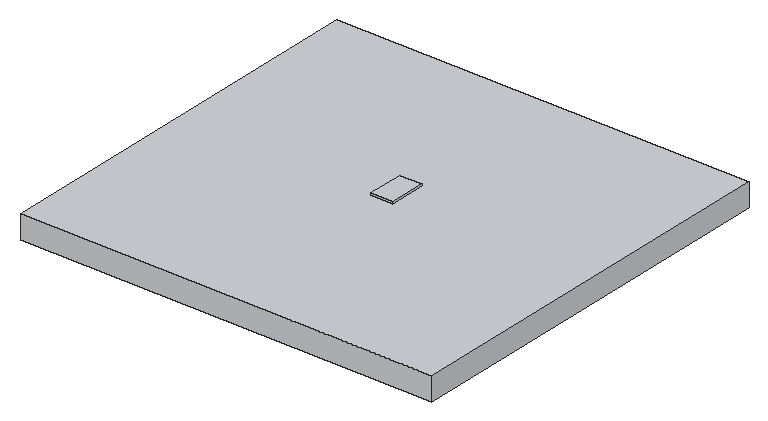
Revit family "6b4ae8eb0c36409fa2c9dd5d93ad62d0", category Electrical Fixtures, host Face, Revit 2021
Family settings
  Host = Face
  Maintain Annotation Orientation = Yes
  Round Connector Dimension = Use Diameter
  Part Type = Switch
  OmniClass Number = 23.80.50.11.14
  OmniClass Title = Switches
  Seek Item ID = Motor Switch-0000-USA-ENU
  Cut with Voids When Loaded = No
  Shared = No
  Room Calculation Point = No
Parameters (values of type "Standard")
  Switch Voltage = 120 V
  Switch Number of Poles = 1
  Load Classification = Other
  Label = "M"
  Default Elevation = 4' - 0"
  Assembly Code = ""
  Apparent Load = 0 VA
Reference planes (in)
  plane 1 "Center (Front/Back)": y = 0
  plane 2: z = 0
  plane 3 "Center (Left/Right)": x = 0
  plane 4: x = -1.375
  plane 5: x = 1.375
  plane 6: x = -0.75
  plane 7: x = 0.75
  plane 8: y = 2.25
  plane 9: y = -2.25
  plane 10: y = 1.5
  plane 11: y = -1.5
  plane 12 "level above": z = 0.1875
  plane 13 "level below": z = -2.125
Forms (in)
  Extrusion 1, solid
    sketch origin (0, 0, 0) x (1, 0, 0) y (0, 1, 0)
      loop
        line (-25.375, 22.5) -> (-25.375, -26.25) -> (25.375, -26.25) -> (25.375, 22.5) -> (-25.375, 22.5)
    from 0 to -2.86111
  Extrusion 2, solid
    sketch origin (0, 0, 0) x (1, 0, 0) y (0, 1, 0)
      loop
        line (-1.375, 2.25) -> (-1.375, -2.25) -> (1.375, -2.25) -> (1.375, 2.25) -> (-1.375, 2.25)
    from 0 to 0.1875
  Extrusion 3, solid
    sketch origin (0, 0, 0) x (1, 0, 0) y (0, 1, 0)
      loop
        line (-0.75, 1.5) -> (-0.75, -1.5) -> (0.75, -1.5) -> (0.75, 1.5) -> (-0.75, 1.5)
    from 0 to -2.125
Lines and regions (in)
  symbolic lines, detail levels fine
    curve 1: line (-1.375, 0, 0.1875) -> (1.375, 0, 0.1875)
    curve 2: line (-1.375, 0, 0) -> (-1.375, 0, 0.1875)
    curve 3: line (1.375, 0, 0) -> (-1.375, 0, 0)
    curve 4: line (1.375, 0, 0.1875) -> (1.375, 0, 0)
    curve 5: line (-0.75, 0, -2.125) -> (0.75, 0, -2.125)
    curve 6: line (-0.75, 0, 0) -> (-0.75, 0, -2.125)
    curve 7: line (0.75, 0, -2.125) -> (0.75, 0, 0)
Dimensions and locks (in)
  equal spacing: plane 6, plane 3 "Center (Left/Right)", plane 7, locked at 0.75 each
  locked: plane 6 to plane 7 at 1.5
  equal spacing: plane 4, plane 3 "Center (Left/Right)", plane 5, locked at 1.375 each
  locked: plane 4 to plane 5 at 2.75
  locked: plane 8 to plane 9 at 4.5
  locked: plane 12 "level above" to level at 0.1875
  locked: level to plane 13 "level below" at 2.125
  locked: plane 10 to plane 11 at 3
  equal spacing: plane 10, plane 1 "Center (Front/Back)", plane 11, locked at 1.5 each
  equal spacing: plane 8, plane 1 "Center (Front/Back)", plane 9, locked at 2.25 each
  aligned and locked: plane 2 to Extrusion 1
  aligned and locked: level to Extrusion 1
  aligned and locked: plane 8 to Extrusion 2
  aligned and locked: Extrusion 2 to plane 9
  aligned and locked: plane 5 to Extrusion 2
  aligned and locked: Extrusion 2 to plane 4
  aligned and locked: Extrusion 2 to level
  aligned and locked: plane 12 "level above" to Extrusion 2
  aligned and locked: plane 10 to Extrusion 3
  aligned and locked: Extrusion 3 to plane 6
  aligned and locked: plane 7 to Extrusion 3
  aligned and locked: Extrusion 3 to plane 11
  aligned and locked: Extrusion 3 to level
  aligned and locked: Extrusion 3 to plane 13 "level below"
  aligned and locked: curve 1 to plane 12 "level above"
  aligned and locked: plane 2 to curve 3
  aligned and locked: curve 5 to plane 13 "level below"
  aligned and locked: plane 1 "Center (Front/Back)" to nested 1
  aligned and locked: plane 3 "Center (Left/Right)" to nested 1
Automatic sketch dimensions
  Extrusion 2 sketch curve to plane 4 = 0' - 0"
  Extrusion 2 sketch curve to plane 5 = 0' - 0"
  Extrusion 2 sketch curve to plane 9 = 0' - 0"
  Extrusion 2 sketch curve to plane 8 = 0' - 0"
  Extrusion 3 sketch curve to plane 6 = 0' - 0"
  Extrusion 3 sketch curve to plane 7 = 0' - 0"
  Extrusion 3 sketch curve to plane 11 = 0' - 0"
  Extrusion 3 sketch curve to plane 10 = 0' - 0"
  Extrusion 1 sketch curve to Extrusion 1 sketch curve = 4' - 2 3/4"
  Extrusion 1 sketch curve to Extrusion 1 sketch curve = 4' - 0 3/4"
  curve 2 to plane 4 = 0' - 0"
  curve 3 to plane 5 = 0' - 0"
  plane 4 to curve 7 = 0' - 2 1/8"
  curve 5 to curve 5 = 0' - 1 1/2"
Nested families (in)
  nested 1: "Switch Annotation 2" at (0, 0, 0), type "Switch Annotation 2", detail levels coarse+medium
Connectors (in)
  electrical at (0, 1.5, -1.0625), driven by "Switch Voltage", driven by "Apparent Load", driven by "Switch Number of Poles", driven by "Load Classification"
    settings: on Extrusion 3, index 1, voltage 120 V, apparent load 0 VA, apparent load phase1 0 VA, apparent load phase2 0 VA, apparent load phase3 0 VA, power factor 1, load classification "Other", number of poles 1, system type 31, power factor state 1, is connector primary yes, connector utility no, sub classification motor no, connector description ""
Definition of nested family "Switch Annotation 2"
  Parameters
    Label = "WP"
  Reference planes (in)
    plane 1: y = 0
    plane 2: x = 0
  Lines and regions (in)
    reference lines
      curve 1: line (0, 0.0625, 0) -> (-0.11983, 0.0625, 0)
      curve 4: line (0.10095, -0.04722, 0) -> (0.10095, 0.09386, 0)
      curve 5: line (0.10095, -0.04722, 0) -> (0.28349, -0.04722, 0)
      curve 6: line (0.10095, 0.04579, 0) -> (0.31014, 0.04579, 0)
    detail lines
      curve 2: arc (0.01506, 0.11153, 0) -> (-0.02442, 0.09683, 0) -> (0, 0.0625, 0) r 0.02655
      curve 3: arc (0, 0.0625, 0) -> (0.01543, 0.02147, 0) -> (-0.02827, 0.02483, 0) r 0.02599
  Text (in)
    label "M" at (0.02349, -0.00499, 0), shows "Label"
  Dimensions and locks (in)
    locked: curve 5 to curve 6 at 0.09301
    locked: plane 1 to curve 1 at 0.0625
    aligned and locked: curve 2 to curve 1
    aligned and locked: curve 3 to curve 1
